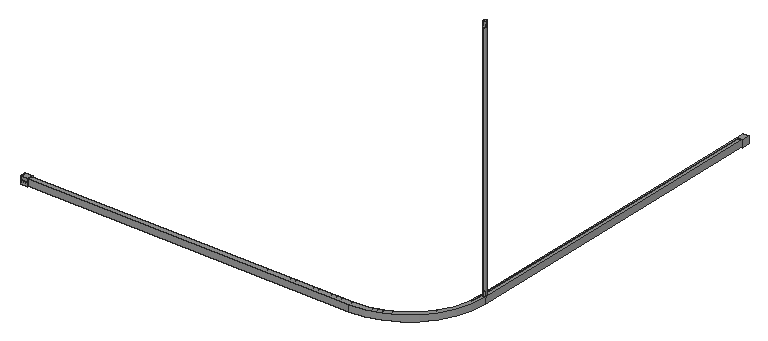
Revit family "rba-bim-rba4177-series", category Plumbing Fixtures, Revit 2016
Family settings
  Part Type = Normal
  Round Connector Dimension = Use Diameter
  Work Plane-Based = No
  Always vertical = Yes
  Cut with Voids When Loaded = No
  Shared = No
  Room Calculation Point = No
Parameters (values of type "RBA4177-161")
  URL = "www.rba.com.au"
  Phone Number = "1300 788 778"
  Modified Issue = 20160517.01
  Materials and Finishes = Aluminum
  Length = 1635.000 mm
  Model = "RBA4177-161"
  Manufacturer = "RBA Group"  # constant formula
  Description = "Shower Curtain Track, Aluminium 1635mm x 1635mm"
  Copyright by = "RBA Group"  # constant formula
Types (4, lengths in mm): name | URL | Length | Model | Description
  (no name) | "www.rba.com.au" | 1635.000 | "RBA4177-161" | "Shower Curtain Track, Aluminium 1635mm x 1635mm"
  RBA4177-120 | "http://www.rba.com.au/catalogue/product/rba4177-series/" | 1200.000 | "rba4177-120" | "Shower Curtain Track, Aluminium 1200mm x 1200mm"
  RBA4177-150 | "www.rba.com.au" | 1500.000 | "RBA4177-150" | "Shower Curtain Track, Aluminium 1500mm x 1500mm"
  RBA4177-161 | "www.rba.com.au" | 1635.000 | "RBA4177-161" | "Shower Curtain Track, Aluminium 1635mm x 1635mm"
Reference planes
  plane 1 "Center (Front/Back)": y = 0
  plane 2: z = 0
  plane 3 "Center (Left/Right)": x = 0
  plane 4: y = 1635
  plane 5: x = 1635
  plane 6: z = 1000
  plane 7: z = -12.5
Forms (mm)
  Sweep 1, solid, material "Aluminum" <- "Materials and Finishes"
    path origin (-36, 140, 0) x (0, 1, 0) y (-1, 0, 0)
      loop
        line (-140, -38) -> (-140, -1371)
        arc (-140, -1371) -> (-52.132, -1583.132) -> (160, -1671) r 300
        line (160, -1671) -> (1493, -1671)
    profile origin (668.5, 0, 0) x (0, 1, 0) y (0, 0, 1)
      loop
        line (10, 0) -> (-10, 0) -> (-10, -25) -> (-5, -25) -> (-5, -23) -> (-7.375, -23) -> (-7.375, -2) -> (7.375, -2) -> (7.375, -23) -> (5, -23) -> (5, -25) -> (10, -25) -> (10, 0)
  Extrusion 2, solid, material "Aluminum" <- "Materials and Finishes"
    sketch origin (-382.862, 346.756, 115.333) x (0, 1, 0) y (-1, 0, 0)
      loop
        circle (-36.756, -2017.862) r 5.5
      loop
        circle (-36.756, -2017.862) r 6
    from -113.333 to 882.667
  Extrusion 3, solid, material "Aluminum" <- "Materials and Finishes"
    sketch origin (130.879, 145, -28.249) x (0, 1, 0) y (0, 0, -1)
      loop
        line (-133, -1.249) -> (-157, -1.249) -> (-157, -30.249) -> (-133, -30.249) -> (-133, -1.249)
    from 100.879 to 130.879
  Extrusion 4, void
    sketch origin (95.879, 140, -28.249) x (0, 1, 0) y (0, 0, -1)
      loop
        line (-130, -3.249) -> (-150, -3.249) -> (-150, -28.249) -> (-130, -28.249) -> (-130, -3.249)
    from 65.879 to 93.879
  Extrusion 5, void
    sketch origin (-12.554, -150, -164.579) x (0, 0, -1) y (-1, 0, 0)
      loop
        circle (-152.079, -21.553) r 2
      loop
        circle (-152.079, -28.553) r 2
      loop
        circle (-152.079, -35.554) r 2
    from 135.5 to 164.5
  Extrusion 6, solid, material "Aluminum" <- "Materials and Finishes"
    sketch origin (1775.135, 1504.121, -26.249) x (1, 0, 0) y (0, 0, -1)
      loop
        line (-128.135, 0.751) -> (-152.135, 0.751) -> (-152.135, -28.249) -> (-128.135, -28.249) -> (-128.135, 0.751)
    from 100.879 to 130.879
  Extrusion 7, void
    sketch origin (1775.135, 1539.321, -26.999) x (1, 0, 0) y (0, 0, -1)
      loop
        line (-130.135, -1.999) -> (-150.135, -1.999) -> (-150.135, -26.999) -> (-130.135, -26.999) -> (-130.135, -1.999)
    from 65.679 to 93.679
  Extrusion 8, solid, material "Aluminum" <- "Materials and Finishes"
    sketch origin (-82.862, 346.756, -892.315) x (0, 1, 0) y (-1, 0, 0)
      loop
        circle (-36.756, -1717.862) r 6.5
    from 912.315 to 892.315
  Extrusion 9, void
    sketch origin (-82.862, 346.756, -950.273) x (0, 1, 0) y (-1, 0, 0)
      loop
        circle (-36.756, -1717.862) r 6
    from 970.273 to 952.273
  Extrusion 10, solid, material "Aluminum" <- "Materials and Finishes"
    sketch origin (-82.862, 346.756, 80.835) x (1, 0, 0) y (0, 1, 0)
      loop
        circle (1717.862, -36.756) r 6.5
    from 899.165 to 919.165
  Extrusion 11, void
    sketch origin (-82.862, 346.756, 144.268) x (1, 0, 0) y (0, 1, 0)
      loop
        circle (1717.862, -36.756) r 6
    from 835.732 to 853.732
  Extrusion 12, void
    sketch origin (1538.26, 1635.003, -164.579) x (0, 0, -1) y (0, 1, 0)
      loop
        circle (-152.079, -21.553) r 2
      loop
        circle (-152.079, -14.553) r 2
      loop
        circle (-152.079, -7.553) r 2
    from 84.74 to 108.74
Cuts and joins
  Extrusion 9, Extrusion 11 cuts Extrusion 8
  Extrusion 11 cuts Extrusion 10
  Extrusion 4, Extrusion 5, Extrusion 12 cuts Sweep 1
  Extrusion 4, Extrusion 5 cuts Extrusion 3
  Extrusion 7, Extrusion 12 cuts Extrusion 6
  joined: Sweep 1, Extrusion 3, Extrusion 6
Dimensions and locks
  "Length": plane 3 "Center (Left/Right)" to plane 5
  "Length": plane 4 to plane 1 "Center (Front/Back)"
  Sweep 1 sketch curve to Sweep 1 sketch curve = 20.000 mm
  locked: Sweep 1 sketch curve to plane 3 "Center (Left/Right)" at 2
  Extrusion 3 to Sweep 1 = 2.000 mm  (x4)
  plane 3 "Center (Left/Right)" to Extrusion 3 = 30.000 mm
  Extrusion 3 to Extrusion 3 = 29.000 mm
  locked: plane 4 to Sweep 1 sketch curve at 2
  plane 1 "Center (Front/Back)" to Extrusion 2 sketch curve = 310.000 mm
  locked: Extrusion 8 to Extrusion 8 at 20
  locked: Extrusion 9 to Extrusion 8 at 2
  locked: Extrusion 10 to Extrusion 10 at 20
  locked: Extrusion 11 to Extrusion 10 at 2
  locked: plane 6 to level at 1000
  locked: plane 4 to cut or joined group of Sweep 1, Extrusion 3, Extrusion 4, Extrusion 5, Extrusion 6, Extrusion 7, Extrusion 12 at 30
  cut or joined group of Sweep 1, Extrusion 3, Extrusion 4, Extrusion 5, Extrusion 6, Extrusion 7, Extrusion 12 to cut or joined group of Sweep 1, Extrusion 3, Extrusion 4, Extrusion 5, Extrusion 6, Extrusion 7, Extrusion 12 = 2.000 mm  (x2)
  cut or joined group of Sweep 1, Extrusion 3, Extrusion 4, Extrusion 5, Extrusion 6, Extrusion 7, Extrusion 12 to plane 5 to cut or joined group of Sweep 1, Extrusion 3, Extrusion 4, Extrusion 5, Extrusion 6, Extrusion 7, Extrusion 12 = 12.000 mm, 12.000 mm
  locked: plane 4 to Extrusion 7 at 2
  locked: Extrusion 7 to plane 5 at 10
  cut or joined group of Sweep 1, Extrusion 3, Extrusion 4, Extrusion 5, Extrusion 6, Extrusion 7, Extrusion 12 to plane 5 to cut or joined group of Sweep 1, Extrusion 3, Extrusion 4, Extrusion 5, Extrusion 6, Extrusion 7, Extrusion 12 = 12.000 mm locked, 12.000 mm locked
  aligned and locked: plane 1 "Center (Front/Back)" to Sweep 1 sketch curve
  aligned and locked: Extrusion 3 to plane 3 "Center (Left/Right)"
  aligned and locked: plane 5 to Sweep 1 sketch curve
  aligned and locked: Extrusion 8 to Extrusion 9
  aligned and locked: Extrusion 2 to cut or joined group of Extrusion 8, Extrusion 9, Extrusion 11
  aligned and locked: Extrusion 8 to level
  aligned and locked: Extrusion 11 to Extrusion 10
  aligned and locked: cut or joined group of Extrusion 10, Extrusion 11 to Extrusion 2
  aligned and locked: plane 6 to cut or joined group of Extrusion 10, Extrusion 11
  aligned and locked: plane 4 to Extrusion 6
  aligned and locked: Extrusion 6 to Extrusion 7
  aligned and locked: Extrusion 6 to Extrusion 12  (x2)
Automatic sketch dimensions
  Sweep 1 sketch curve to plane 1 "Center (Front/Back)" = 300.000 mm
  Sweep 1 sketch curve to profile plane = 0.000 mm
  profile plane to Sweep 1 sketch curve = 10.000 mm
  Sweep 1 sketch curve to Sweep 1 sketch curve = 2.625 mm
  Sweep 1 sketch curve to Sweep 1 sketch curve = 2.375 mm
  Sweep 1 sketch curve to profile plane = 5.000 mm
  Sweep 1 sketch curve to Sweep 1 sketch curve = 2.624 mm
  Sweep 1 sketch curve to profile plane = 2.000 mm
  Sweep 1 sketch curve to Sweep 1 sketch curve = 21.000 mm
  Sweep 1 sketch curve to Sweep 1 sketch curve = 0.000 mm
  Sweep 1 sketch curve to Sweep 1 sketch curve = 2.000 mm  (x2)
  Extrusion 2 sketch curve to Extrusion 2 sketch curve = 0.000 mm  (x2)
  Extrusion 2 sketch curve to plane 5 = 0.000 mm
  plane 1 "Center (Front/Back)" to Extrusion 3 sketch curve = 12.000 mm
  Extrusion 3 sketch curve to plane 1 "Center (Front/Back)" = 12.000 mm
  level to Extrusion 3 sketch curve = 2.000 mm
  Extrusion 3 sketch curve to plane 7 = 14.500 mm
  Extrusion 4 sketch curve to level = 0.000 mm
  plane 1 "Center (Front/Back)" to Extrusion 4 sketch curve = 10.000 mm
  Extrusion 4 sketch curve to plane 1 "Center (Front/Back)" = 10.000 mm
  Extrusion 4 sketch curve to plane 7 = 12.500 mm
  Extrusion 5 sketch curve to plane 7 = 0.000 mm  (x3)
  plane 3 "Center (Left/Right)" to Extrusion 5 sketch curve = 23.000 mm
  Extrusion 5 sketch curve to Extrusion 5 sketch curve = 7.000 mm  (x2)
  Extrusion 6 sketch curve to plane 5 = 12.000 mm
  plane 5 to Extrusion 6 sketch curve = 12.000 mm
  level to Extrusion 6 sketch curve = 2.000 mm
  Extrusion 6 sketch curve to plane 7 = 14.500 mm
  Extrusion 7 sketch curve to level = 0.000 mm
  Extrusion 7 sketch curve to plane 5 = 10.000 mm
  plane 5 to Extrusion 7 sketch curve = 10.000 mm
  Extrusion 7 sketch curve to plane 7 = 12.500 mm
  Extrusion 8 sketch curve to plane 5 = 0.000 mm
  Extrusion 8 sketch curve to plane 1 "Center (Front/Back)" = 310.000 mm
  Extrusion 9 sketch curve to plane 5 = 0.000 mm
  Extrusion 9 sketch curve to plane 1 "Center (Front/Back)" = 310.000 mm
  Extrusion 10 sketch curve to plane 5 = 0.000 mm
  Extrusion 10 sketch curve to plane 1 "Center (Front/Back)" = 310.000 mm
  Extrusion 11 sketch curve to plane 5 = 0.000 mm
  Extrusion 11 sketch curve to plane 1 "Center (Front/Back)" = 310.000 mm
  plane 7 to Extrusion 12 sketch curve = 0.000 mm  (x3)
  Extrusion 12 sketch curve to plane 4 = 21.550 mm
  Extrusion 12 sketch curve to Extrusion 12 sketch curve = 7.000 mm  (x2)
  radius of Extrusion 2 sketch curve = 5.500 mm
  radius of Extrusion 2 sketch curve = 6.000 mm
  radius of Extrusion 5 sketch curve = 2.000 mm  (x3)
  radius of Extrusion 8 sketch curve = 6.500 mm
  radius of Extrusion 9 sketch curve = 6.000 mm
  radius of Extrusion 10 sketch curve = 6.500 mm
  radius of Extrusion 11 sketch curve = 6.000 mm
  radius of Extrusion 12 sketch curve = 2.000 mm  (x3)
